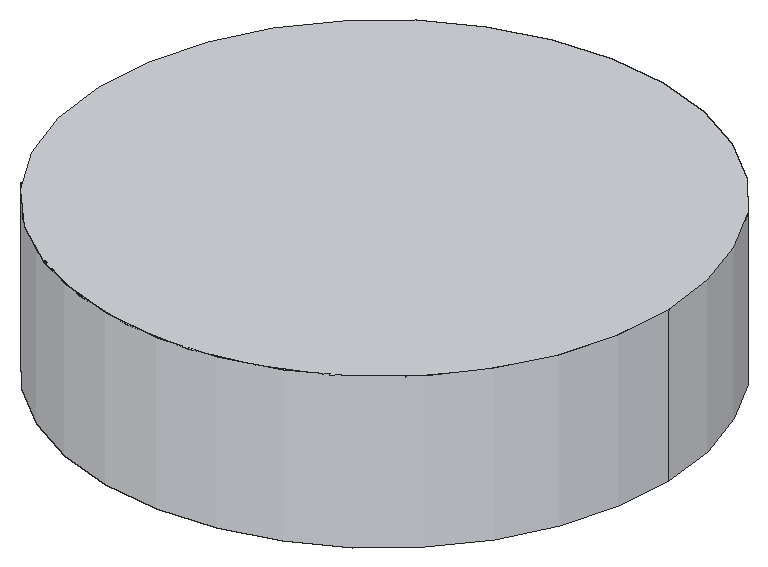
Revit family "TUPEX ELECTRIC_exal", category Lighting Fixtures, host Face, Revit 2018
Family settings
  Host = Face
  Round Connector Dimension = Use Diameter
  Part Type = Normal
  Cut with Voids When Loaded = No
  Light Source = Yes
  Shared = No
  Room Calculation Point = Yes
Parameters
  Wattage = 20 W
  built-in parameter 1150110 = 1 (stored number, unit not read)
  VOLTS = 220 V
  built-in parameter 1114217 = 1 (stored number, unit not read)
  Tilt Angle = 90.00°
  built-in parameter 1150109 = 1 (stored number, unit not read)
  built-in parameter 1150134 = 3
  built-in parameter 1150113 = 1 (stored number, unit not read)
  Photometric Web File = "3317.IES"
  built-in parameter 1150105 = 175.07 (stored number, unit not read)
  Lumens = 2200 lm
  built-in parameter 1150115 = 1 (stored number, unit not read)
  built-in parameter 1150137 = (empty or 0)
  built-in parameter 1150139 = (empty or 0)
  built-in parameter 1150112 = 1 (stored number, unit not read)
  built-in parameter 1150114 = 1 (stored number, unit not read)
  built-in parameter 1150132 = (empty or 0)
  built-in parameter 1150102 = (empty or 0)
  built-in parameter 1150107 = 3200 (stored number, unit not read)
  built-in parameter 1150138 = (empty or 0)
  built-in parameter 1150106 = 1.7507 (stored number, unit not read)
  Emit from Circle Diameter = 609.6 mm
  Emit Shape Visible in Rendering = no
  built-in parameter 1150104 = 10.219 (stored number, unit not read)
  Dimming Lamp Color Temperature Shift = (empty or 0)
  Default Elevation = 1219.2 mm
  Color Filter = 16777215
  built-in parameter 1114218 = 1 (stored number, unit not read)
  built-in parameter 1150133 = 10 (stored number, unit not read)
  Apparent Load = 30 VA
Reference planes
  plane 1 "Center (Front/Back)": y = 0
  plane 2: z = 0
  plane 3 "Center (Left/Right)": x = 0
Forms (mm)
  Extrusion 1, solid
    sketch origin (0, 0, 0) x (1, 0, 0) y (0, 1, 0)
      loop
        circle (0, 0) r 200
    from 0 to 108
Lines and regions (mm)
  reference lines
    curve 1: circle (0, 0, 0) r 200 normal (0, 0, 1)
    curve 2: line (-1160.227, 0, 0) -> (1659.773, 0, 0)
    curve 3: line (1659.773, 0, -108) -> (-1534.635, 0, -108)
    curve 4: line (305.365, 0, -108) -> (1125.365, 0, -108)
    curve 5: line (1659.773, 0, -216) -> (-1534.635, 0, -216)
Dimensions and locks
  aligned and locked: plane 2 to host face
  aligned and locked: level to host face
Connectors
  electrical at (0, 0, 108), driven by "VOLTS"
    settings: on Extrusion 1, index 1, voltage 220 V, apparent load 0 VA, apparent load phase1 20 VA, apparent load phase2 0 VA, apparent load phase3 0 VA, power factor 1, load classification "Other", number of poles 1, system type 31, power factor state 1, is connector primary yes, connector utility no, sub classification motor no, connector description ""
